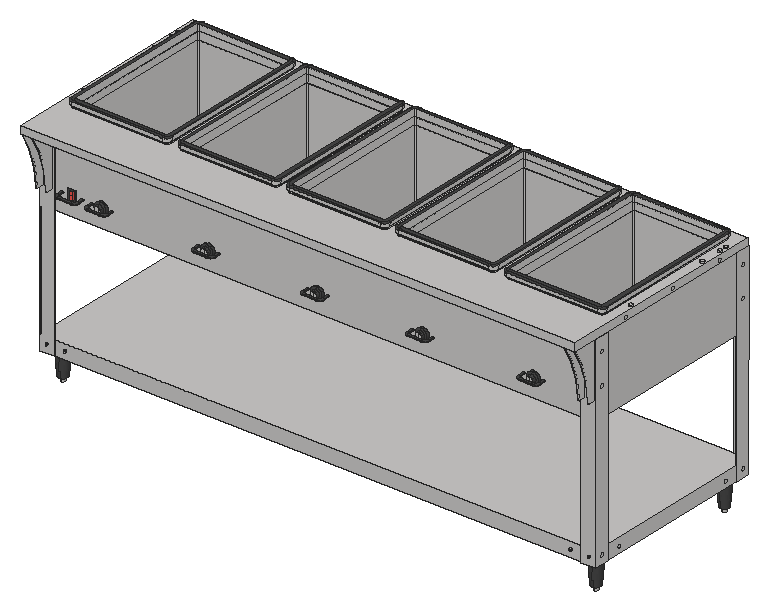
Revit family "QF_VOLLRATH_38205_SERVEWELL_SL_HOT_FOOD_TABLE", category Specialty Equipment, Revit 2022
Family settings
  Round Connector Dimension = Use Diameter
  Part Type = Normal
  Work Plane-Based = No
  Always vertical = Yes
  Cut with Voids When Loaded = No
  Maintain Annotation Orientation = No
  Shared = No
  Room Calculation Point = No
Parameters
  Weight in Pounds = 0
  Watts = 2400 W
  Volts = 120 V
  URL Cutsheet = ""
  Specification by User = ""
  Specification by Manufacturer = ""
  Serial Number = ""
  Seismic Rating = ""
  SMACNA No = ""
  Revision Code = ""
  Phase = 1
  Number of Poles = 1
  NAFEM Spec ID Number = ""
  Model = "38205"
  Min Ckt Ampacity = 0 A
  Max Overcurrent Protection = 0 A
  Masterspec = ""
  Manufacturer = "VOLLRATH"
  Length = 76"
  Item Number = ""
  Installed By = ""
  Identify Quantity as Lot = yes
  Height = 34"
  HP = ""
  Furnished By = ""
  Foodservice Equipment Identifier = yes
  FL Amps = 30 A
  Electrical Remarks = ""
  Electric Connection Type = ""
  Elec Conn RI Height = 0"
  Elec Conn Connection Height = 0"
  Description = "SERVEWELL SL HOT FOOD TABLE"
  Depth = 29 1/2"
  Default Elevation = 0"
  Cycle = 0 Hz
  Conn Plug = "NEMA 5-30P"
  Conn Conduit = yes
  CSI MasterFormat = ""
  Apparent Power = if(Phase = 3, Volts * FL Amps * 1.73, Volts * FL Amps)  # 3600 VA
Reference planes (in)
  plane 1 "BACK": y = 0
  plane 2: z = 0
  plane 3 "LEFT": x = 0
  plane 4 "RIGHT": x = 76
  plane 5 "FRONT": y = -29.5
  plane 6 "TOP": z = 34
  plane 7 "Center Y": x = 38
  plane 8 "Center X": y = -14.75
Dimensions and locks (in)
  equal spacing: plane 3 "LEFT", plane 7 "Center Y", plane 4 "RIGHT"
  "Length": plane 3 "LEFT" to plane 4 "RIGHT"
  equal spacing: plane 5 "FRONT", plane 8 "Center X", plane 1 "BACK"
  "Depth": plane 5 "FRONT" to plane 1 "BACK"
  "Height": plane 6 "TOP" to level
  nested 1 to level = 4"
  plane 4 "RIGHT" to plane 3 "LEFT" = 76"
  aligned and locked: level to plane 2
Nested families (in)
  nested 1: "QF_VOLLRATH_38203" at (0, 0, 0), type "QF_VOLLRATH_38203"
Connectors (in)
  electrical at (4.37729, -23.99392, 21.75393)
    settings: on nested 1, index 1, voltage 120 V, apparent load 0 VA, apparent load phase1 0 VA, apparent load phase2 0 VA, apparent load phase3 0 VA, power factor 1, load classification "Other", number of poles 1, system type 30, power factor state 1, is connector primary yes, connector utility no, sub classification motor no, connector description "ELECTRICAL CONNECTION"
Definition of nested family "QF_VOLLRATH_38203"
  Parameters (values of type "QF_VOLLRATH_38203")
    Weight in Pounds = 0
    Watts = 480 W
    Volts = 120 V
    URL Cutsheet = ""
    Specification by User = ""
    Specification by Manufacturer = ""
    Serial Number = ""
    Seismic Rating = ""
    SMACNA No = ""
    Revision Code = ""
    Phase = 0
    Number of Poles = 1
    NAFEM Spec ID Number = ""
    Model = "38204"
    Min Ckt Ampacity = 0 A
    Max Overcurrent Protection = 0 A
    Masterspec = ""
    Manufacturer = "VOLLRATH"
    Length = 76"
    Item Number = ""
    Installed By = ""
    Identify Quantity as Lot = yes
    Height = 34"
    HP = ""
    Furnished By = ""
    Foodservice Equipment Identifier = yes
    FL Amps = 15 A
    Electrical Remarks = ""
    Electric Connection Type = ""
    Elec Conn RI Height = 0"
    Elec Conn Connection Height = 0"
    Description = "SERVEWELL SL HOT FOOD TABLE"
    Depth = 29 1/2"
    Default Elevation = 0"
    Cycle = 0 Hz
    Conn Plug = "NEMA 5-20P"
    Conn Conduit = yes
    CSI MasterFormat = ""
    Apparent Power = if(Phase = 3, Volts * FL Amps * 1.73, Volts * FL Amps)  # 1800 VA
  Reference planes (in)
    plane 1 "BACK": y = 0
    plane 2: z = 0
    plane 3 "LEFT": x = 0
    plane 4 "RIGHT": x = 76
    plane 5 "FRONT": y = -29.5
    plane 6 "TOP": z = 34
    plane 7 "Center Y": x = 38
    plane 8 "Center X": y = -14.75
    plane 9: z = 4
    plane 10: y = -26
    plane 11: z = 6
    plane 12: x = 1.5
    plane 13: y = -18.1465
  Forms (in)
    Extrusion 1, solid
      sketch origin (-38.39759, -180, 34) x (-1, 0, 0) y (0, -1, 0)
        loop
          line (-38.39759, -180) -> (-38.39759, -150.5) -> (-114.39759, -150.5) -> (-114.39759, -180) -> (-38.39759, -180)
        loop
          arc (-52.9681, -178.35363) -> (-52.92233, -178.46411) -> (-52.81185, -178.50988) r 0.15625
          line (-52.81185, -178.50988) -> (-40.4056, -178.50988)
          arc (-40.4056, -178.50988) -> (-40.29511, -178.46411) -> (-40.24935, -178.35363) r 0.15625
          line (-40.24935, -178.35363) -> (-40.24935, -157.60363)
          arc (-40.24935, -157.60363) -> (-40.29511, -157.49314) -> (-40.4056, -157.44738) r 0.15625
          line (-40.4056, -157.44738) -> (-52.81185, -157.44738)
          arc (-52.81185, -157.44738) -> (-52.92233, -157.49314) -> (-52.9681, -157.60363) r 0.15625
          line (-52.9681, -157.60363) -> (-52.9681, -178.35363)
        loop
          line (-55.1556, -178.35363) -> (-55.1556, -157.60363)
          arc (-55.1556, -157.60363) -> (-55.20136, -157.49314) -> (-55.31185, -157.44738) r 0.15625
          line (-55.31185, -157.44738) -> (-67.7181, -157.44738)
          arc (-67.7181, -157.44738) -> (-67.82858, -157.49314) -> (-67.87435, -157.60363) r 0.15625
          line (-67.87435, -157.60363) -> (-67.87435, -178.35363)
          arc (-67.87435, -178.35363) -> (-67.82858, -178.46411) -> (-67.7181, -178.50988) r 0.15625
          line (-67.7181, -178.50988) -> (-55.31185, -178.50988)
          arc (-55.31185, -178.50988) -> (-55.20136, -178.46411) -> (-55.1556, -178.35363) r 0.15625
        loop
          arc (-70.03822, -157.60363) -> (-70.08398, -157.49314) -> (-70.19447, -157.44738) r 0.15625
          line (-70.19447, -157.44738) -> (-82.60072, -157.44738)
          arc (-82.60072, -157.44738) -> (-82.7112, -157.49314) -> (-82.75697, -157.60363) r 0.15625
          line (-82.75697, -157.60363) -> (-82.75697, -178.35363)
          arc (-82.75697, -178.35363) -> (-82.7112, -178.46411) -> (-82.60072, -178.50988) r 0.15625
          line (-82.60072, -178.50988) -> (-70.19447, -178.50988)
          arc (-70.19447, -178.50988) -> (-70.08398, -178.46411) -> (-70.03822, -178.35363) r 0.15625
          line (-70.03822, -178.35363) -> (-70.03822, -157.60363)
        loop
          line (-99.82709, -178.35363) -> (-99.82709, -157.60363)
          arc (-99.82709, -157.60363) -> (-99.87285, -157.49314) -> (-99.98334, -157.44738) r 0.15625
          line (-99.98334, -157.44738) -> (-112.38959, -157.44738)
          arc (-112.38959, -157.44738) -> (-112.50007, -157.49314) -> (-112.54584, -157.60363) r 0.15625
          line (-112.54584, -157.60363) -> (-112.54584, -178.35363)
          arc (-112.54584, -178.35363) -> (-112.50007, -178.46411) -> (-112.38959, -178.50988) r 0.15625
          line (-112.38959, -178.50988) -> (-99.98334, -178.50988)
          arc (-99.98334, -178.50988) -> (-99.87285, -178.46411) -> (-99.82709, -178.35363) r 0.15625
        loop
          arc (-97.63959, -178.35363) -> (-97.59382, -178.46411) -> (-97.48334, -178.50988) r 0.15625
          line (-97.48334, -178.50988) -> (-85.07709, -178.50988)
          arc (-85.07709, -178.50988) -> (-84.9666, -178.46411) -> (-84.92084, -178.35363) r 0.15625
          line (-84.92084, -178.35363) -> (-84.92084, -157.60363)
          arc (-84.92084, -157.60363) -> (-84.9666, -157.49314) -> (-85.07709, -157.44738) r 0.15625
          line (-85.07709, -157.44738) -> (-97.48334, -157.44738)
          arc (-97.48334, -157.44738) -> (-97.59382, -157.49314) -> (-97.63959, -157.60363) r 0.15625
          line (-97.63959, -157.60363) -> (-97.63959, -178.35363)
      from -0.90354 to -1.94773
    Extrusion 2, solid
      sketch origin (0, 0, 0) x (1, 0, 0) y (0, 1, 0)
        loop
          line (0, -26) -> (76, -26) -> (76, 0) -> (0, 0) -> (0, -26)
        loop
          arc (14.5705, -1.64637) -> (14.52474, -1.53589) -> (14.41425, -1.49012) r 0.15625
          line (14.41425, -1.49012) -> (2.008, -1.49012)
          arc (2.008, -1.49012) -> (1.89752, -1.53589) -> (1.85175, -1.64637) r 0.15625
          line (1.85175, -1.64637) -> (1.85175, -22.39637)
          arc (1.85175, -22.39637) -> (1.89752, -22.50686) -> (2.008, -22.55262) r 0.15625
          line (2.008, -22.55262) -> (14.41425, -22.55262)
          arc (14.41425, -22.55262) -> (14.52474, -22.50686) -> (14.5705, -22.39637) r 0.15625
          line (14.5705, -22.39637) -> (14.5705, -1.64637)
        loop
          arc (29.47675, -1.64637) -> (29.43099, -1.53589) -> (29.3205, -1.49012) r 0.15625
          line (29.3205, -1.49012) -> (16.91425, -1.49012)
          arc (16.91425, -1.49012) -> (16.80377, -1.53589) -> (16.758, -1.64637) r 0.15625
          line (16.758, -1.64637) -> (16.758, -22.39637)
          arc (16.758, -22.39637) -> (16.80377, -22.50686) -> (16.91425, -22.55262) r 0.15625
          line (16.91425, -22.55262) -> (29.3205, -22.55262)
          arc (29.3205, -22.55262) -> (29.43099, -22.50686) -> (29.47675, -22.39637) r 0.15625
          line (29.47675, -22.39637) -> (29.47675, -1.64637)
        loop
          arc (44.35937, -1.64637) -> (44.31361, -1.53589) -> (44.20313, -1.49012) r 0.15625
          line (44.20313, -1.49012) -> (31.79687, -1.49012)
          arc (31.79687, -1.49012) -> (31.68639, -1.53589) -> (31.64063, -1.64637) r 0.15625
          line (31.64063, -1.64637) -> (31.64063, -22.39637)
          arc (31.64063, -22.39637) -> (31.68639, -22.50686) -> (31.79687, -22.55262) r 0.15625
          line (31.79687, -22.55262) -> (44.20313, -22.55262)
          arc (44.20313, -22.55262) -> (44.31361, -22.50686) -> (44.35937, -22.39637) r 0.15625
          line (44.35937, -22.39637) -> (44.35937, -1.64637)
        loop
          arc (59.242, -1.64637) -> (59.19623, -1.53589) -> (59.08575, -1.49012) r 0.15625
          line (59.08575, -1.49012) -> (46.6795, -1.49012)
          arc (46.6795, -1.49012) -> (46.56901, -1.53589) -> (46.52325, -1.64637) r 0.15625
          line (46.52325, -1.64637) -> (46.52325, -22.39637)
          arc (46.52325, -22.39637) -> (46.56901, -22.50686) -> (46.6795, -22.55262) r 0.15625
          line (46.6795, -22.55262) -> (59.08575, -22.55262)
          arc (59.08575, -22.55262) -> (59.19623, -22.50686) -> (59.242, -22.39637) r 0.15625
          line (59.242, -22.39637) -> (59.242, -1.64637)
        loop
          arc (74.14825, -1.64637) -> (74.10248, -1.53589) -> (73.992, -1.49012) r 0.15625
          line (73.992, -1.49012) -> (61.58575, -1.49012)
          arc (61.58575, -1.49012) -> (61.47526, -1.53589) -> (61.4295, -1.64637) r 0.15625
          line (61.4295, -1.64637) -> (61.4295, -22.39637)
          arc (61.4295, -22.39637) -> (61.47526, -22.50686) -> (61.58575, -22.55262) r 0.15625
          line (61.58575, -22.55262) -> (73.992, -22.55262)
          arc (73.992, -22.55262) -> (74.10248, -22.50686) -> (74.14825, -22.39637) r 0.15625
          line (74.14825, -22.39637) -> (74.14825, -1.64637)
      from 21.87893 to 32.05227
    Extrusion 3, solid
      sketch origin (0, 0, 0) x (1, 0, 0) y (0, 1, 0)
        loop
          line (-0.0625, -26.0625) -> (1.9375, -26.0625) -> (1.9375, -26) -> (0, -26) -> (0, -24.0625) -> (-0.0625, -24.0625) -> (-0.0625, -26.0625)
        loop
          line (-0.0625, 0.0625) -> (-0.0625, -1.9375) -> (0, -1.9375) -> (0, 0) -> (1.9375, 0) -> (1.9375, 0.0625) -> (-0.0625, 0.0625)
        loop
          line (76.0625, -26.0625) -> (76.0625, -24.0625) -> (76, -24.0625) -> (76, -26) -> (74.0625, -26) -> (74.0625, -26.0625) -> (76.0625, -26.0625)
        loop
          line (76.0625, 0.0625) -> (74.0625, 0.0625) -> (74.0625, 0) -> (76, 0) -> (76, -1.9375) -> (76.0625, -1.9375) -> (76.0625, 0.0625)
      from 4 to 32.05227
    Extrusion 4, solid
      sketch origin (0, -180, 4) x (-1, 0, 0) y (0, -1, 0)
        loop
          line (0, -180) -> (0, -154) -> (-76, -154) -> (-76, -180) -> (0, -180)
      from 0 to 2
    Sweep 5, solid
      path origin (0, 0, 0) x (1, 0, 0) y (0, 1, 0)
        loop
          arc (2.008, -1.14637) -> (1.65445, -1.29282) -> (1.508, -1.64637) r 0.5
          line (1.508, -1.64637) -> (1.508, -22.39637)
          arc (1.508, -22.39637) -> (1.65445, -22.74993) -> (2.008, -22.89637) r 0.5
          line (2.008, -22.89637) -> (14.41425, -22.89637)
          arc (14.41425, -22.89637) -> (14.76781, -22.74993) -> (14.91425, -22.39637) r 0.5
          line (14.91425, -22.39637) -> (14.91425, -1.64637)
          arc (14.91425, -1.64637) -> (14.76781, -1.29282) -> (14.41425, -1.14637) r 0.5
          line (14.41425, -1.14637) -> (2.008, -1.14637)
      profile origin (8.21113, -1.14637, 0) x (0, 1, 0) y (0, 0, 1)
        loop
          arc (0.21875, 33.86984) -> (0.18063, 33.96188) -> (0.08859, 34) r 0.13016
          line (0.08859, 34) -> (-0.34375, 34) -> (-0.34375, 21.87893) -> (0, 21.87893) -> (0, 33.09646)
          arc (0, 33.09646) -> (-0.07256, 33.26176) -> (-0.03125, 33.4375) r 0.285
          line (-0.03125, 33.4375) -> (0.21875, 33.4375) -> (0.21875, 33.86984)
    Extrusion 6, solid
      sketch origin (0, 0, 0) x (0, 1, 0) y (0, 0, 1)
        loop
          arc (-29.38523, 32.05227) -> (-27.76168, 28.48926) -> (-27.05801, 24.63752) r 15.90135
          arc (-27.05801, 24.63752) -> (-26.98006, 24.47007) -> (-26.80842, 24.40183) r 0.25
          line (-26.80842, 24.40183) -> (-26.0625, 24.40183) -> (-26.0625, 32.05227) -> (-29.38523, 32.05227)
      from 0.19267 to 0.26943
    Extrusion 7, solid
      sketch origin (1.38301, 0, 0) x (0, 1, 0) y (0, 0, 1)
        loop
          arc (-29.38523, 32.05227) -> (-27.76168, 28.48926) -> (-27.05801, 24.63752) r 15.90135
          arc (-27.05801, 24.63752) -> (-26.98006, 24.47007) -> (-26.80842, 24.40183) r 0.25
          line (-26.80842, 24.40183) -> (-26.0625, 24.40183) -> (-26.0625, 32.05227) -> (-29.38523, 32.05227)
      from 0.12501 to 0.21028
    Revolve 8, solid
      sketch origin (8.383, 0.0625, 0) x (0, 1, 0) y (0, 0, 1)
        loop
          line (-26.0625, 24.44451) -> (-26.0625, 25.25473) -> (-26.36725, 25.25473) -> (-26.50448, 24.94383) -> (-26.8125, 24.8613) -> (-26.8125, 24.44451) -> (-26.0625, 24.44451)
        axis (-26.8125, 24.44451) -> (-26.0625, 24.44451)
      angle from 0 to 360
    Sweep 9, solid
      path origin (0, 0, 0) x (1, 0, 0) y (0, 1, 0)
        loop
          line (7, -26) -> (7, -26.83521)
          arc (7, -26.83521) -> (7.12149, -27.12851) -> (7.41479, -27.25) r 0.41479
          line (7.41479, -27.25) -> (9.33594, -27.25)
          arc (9.33594, -27.25) -> (9.62872, -27.12872) -> (9.75, -26.83594) r 0.41406
          line (9.75, -26.83594) -> (9.75, -26)
      profile origin (8.37537, -27.25, 0) x (0, 1, 0) y (0, 0, 1)
        loop
          circle (0, 24.4375) r 0.125
    Revolve 10, solid
      sketch origin (23, 0.0625, 0) x (0, 1, 0) y (0, 0, 1)
        loop
          line (-26.0625, 24.44451) -> (-26.0625, 25.25473) -> (-26.36725, 25.25473) -> (-26.50448, 24.94383) -> (-26.8125, 24.8613) -> (-26.8125, 24.44451) -> (-26.0625, 24.44451)
        axis (-26.8125, 24.44451) -> (-26.0625, 24.44451)
      angle from 0 to 360
    Sweep 11, solid
      path origin (-0.37852, 0, 0) x (1, 0, 0) y (0, 1, 0)
        loop
          line (22, -26) -> (22, -26.83521)
          arc (22, -26.83521) -> (22.12149, -27.12851) -> (22.41479, -27.25) r 0.41479
          line (22.41479, -27.25) -> (24.33594, -27.25)
          arc (24.33594, -27.25) -> (24.62872, -27.12872) -> (24.75, -26.83594) r 0.41406
          line (24.75, -26.83594) -> (24.75, -26)
      profile origin (22.99685, -27.25, 0) x (0, 1, 0) y (0, 0, 1)
        loop
          circle (0, 24.4375) r 0.125
    Revolve 12, solid
      sketch origin (37.992, 0.0625, 0) x (0, 1, 0) y (0, 0, -1)
        loop
          line (-26.0625, -24.44451) -> (-26.8125, -24.44451) -> (-26.8125, -24.8613) -> (-26.50448, -24.94383) -> (-26.36725, -25.25473) -> (-26.0625, -25.25473) -> (-26.0625, -24.44451)
        axis (-26.8125, -24.44451) -> (-26.0625, -24.44451)
      angle from 0 to 360
    Sweep 13, solid
      path origin (46, 0, 0) x (-1, 0, 0) y (0, -1, 0)
        loop
          line (-7.6875, 26) -> (-7.6875, 26.83521)
          arc (-7.6875, 26.83521) -> (-7.56601, 27.12851) -> (-7.27271, 27.25) r 0.41479
          line (-7.27271, 27.25) -> (-5.35156, 27.25)
          arc (-5.35156, 27.25) -> (-5.05878, 27.12872) -> (-4.9375, 26.83594) r 0.41406
          line (-4.9375, 26.83594) -> (-4.9375, 26)
      profile origin (52.31213, -27.25, 0) x (0, -1, 0) y (0, 0, 1)
        loop
          circle (0, 24.4375) r 0.125
    Extrusion 14, solid
      sketch origin (0, -26, 0) x (1, 0, 0) y (0, 0, 1)
        loop
          line (3.81326, 25.25117) -> (3.81326, 23.75117) -> (4.81326, 23.75117) -> (4.81326, 25.25117) -> (3.81326, 25.25117)
        loop
          line (4.10495, 25.04634) -> (4.10495, 24.03072) -> (4.52019, 24.03072) -> (4.52019, 25.04634) -> (4.10495, 25.04634)
      from 0 to 0.0625
    Extrusion 15, solid
      sketch origin (4.10495, -26, 24.53072) x (0, 0, 1) y (0, -1, 0)
        loop
          line (0.51563, 0.0625) -> (0.51563, 0.12731) -> (0.05202, 0.12731) -> (-0.49994, 0.20488) -> (-0.49994, 0.0625) -> (0.51563, 0.0625)
      from 0 to 0.41524
    Sweep 16, solid
      path origin (-4.03125, 0, 0) x (1, 0, 0) y (0, 1, 0)
        loop
          line (7, -26) -> (7, -26.83521)
          arc (7, -26.83521) -> (7.12149, -27.12851) -> (7.41479, -27.25) r 0.41479
          line (7.41479, -27.25) -> (9.33594, -27.25)
          arc (9.33594, -27.25) -> (9.62872, -27.12872) -> (9.75, -26.83594) r 0.41406
          line (9.75, -26.83594) -> (9.75, -26)
      profile origin (4.34412, -27.25, 0) x (0, 1, 0) y (0, 0, 1)
        loop
          circle (0, 24.4375) r 0.125
    Extrusion 17, solid
      sketch origin (-38.39759, -180, 33.09646) x (-1, 0, 0) y (0, -1, 0)
        loop
          circle (-38.90258, -176.94303) r 0.25
        loop
          circle (-38.90258, -175.89791) r 0.25
        loop
          circle (-38.93459, -172.90202) r 0.25
        loop
          circle (-38.96584, -160.74577) r 0.25
      from 0 to 0.0625
    Extrusion 18, solid
      sketch origin (0.1875, 0, 21.87893) x (0, 1, 0) y (1, 0, 0)
        loop
          circle (-23.99392, 4.18979) r 0.5
      from 0 to 0.125
    Extrusion 19, solid
      sketch origin (0, 0, 21.87893) x (0, 1, 0) y (1, 0, 0)
        loop
          circle (-19.65551, 8.32474) r 0.5
        loop
          circle (-19.65551, 22.82474) r 0.5
        loop
          circle (-19.65551, 38) r 0.5
        loop
          circle (-19.65551, 67.67526) r 0.5
        loop
          circle (-19.65551, 53.17526) r 0.5
        loop
          circle (-19.65551, 8.32474) r 0.5625
        loop
          circle (-19.65551, 22.82474) r 0.5625
        loop
          circle (-19.65551, 38) r 0.5625
        loop
          circle (-19.65551, 53.17526) r 0.5625
        loop
          circle (-19.65551, 67.67526) r 0.5625
      from 0 to 2
    Extrusion 20, solid
      sketch origin (0, 0, 0) x (1, 0, 0) y (0, 0, 1)
        loop
          arc (8.11974, 21.11331) -> (7.98829, 20.87122) -> (8.15928, 20.65522) r 0.25
          line (8.15928, 20.65522) -> (8.15928, 19.87893) -> (8.44974, 19.87893) -> (8.44974, 20.65323)
          arc (8.44974, 20.65323) -> (8.62739, 20.87543) -> (8.48208, 21.12001) r 0.25
          line (8.48208, 21.12001) -> (8.48208, 21.37213) -> (8.11974, 21.37213) -> (8.11974, 21.11331)
      from 20.74955 to 20.32975
    Extrusion 21, solid
      sketch origin (0, 0, 0) x (1, 0, 0) y (0, 0, 1)
        loop
          circle (8.30179, 20.88613) r 0.25
      from 20.15525 to 20.32975
    Extrusion 22, solid
      sketch origin (-0.47959, 0, 0) x (1, 0, 0) y (0, 0, 1)
        loop
          arc (23.11974, 21.11331) -> (22.98829, 20.87122) -> (23.15928, 20.65522) r 0.25
          line (23.15928, 20.65522) -> (23.15928, 19.87893) -> (23.44974, 19.87893) -> (23.44974, 20.65323)
          arc (23.44974, 20.65323) -> (23.62739, 20.87543) -> (23.48208, 21.12001) r 0.25
          line (23.48208, 21.12001) -> (23.48208, 21.37213) -> (23.11974, 21.37213) -> (23.11974, 21.11331)
      from 20.74955 to 20.32975
    Extrusion 23, solid
      sketch origin (-0.47278, 0, 0) x (1, 0, 0) y (0, 0, 1)
        loop
          circle (23.30179, 20.88613) r 0.25
      from 20.15525 to 20.32975
    Extrusion 24, solid
      sketch origin (30.18325, 0, 0) x (1, 0, 0) y (0, 0, 1)
        loop
          arc (22.80724, 21.11331) -> (22.67579, 20.87122) -> (22.84678, 20.65522) r 0.25
          line (22.84678, 20.65522) -> (22.84678, 19.87893) -> (23.13724, 19.87893) -> (23.13724, 20.65323)
          arc (23.13724, 20.65323) -> (23.31489, 20.87543) -> (23.16958, 21.12001) r 0.25
          line (23.16958, 21.12001) -> (23.16958, 21.37213) -> (22.80724, 21.37213) -> (22.80724, 21.11331)
      from 20.74955 to 20.32975
    Extrusion 25, solid
      sketch origin (30.18325, 0, 0) x (1, 0, 0) y (0, 0, 1)
        loop
          circle (22.98929, 20.88613) r 0.25
      from 20.15525 to 20.32975
    Extrusion 26, solid
      sketch origin (76, 0, 34) x (0, -1, 0) y (0, 0, -1)
        loop
          circle (25.09699, 3.76064) r 0.17669
        loop
          circle (25.09699, 8.01064) r 0.17669
        loop
          circle (25.09699, 28.76064) r 0.17669
        loop
          circle (22.10841, 29.02211) r 0.17669
        loop
          circle (3.92282, 29.02211) r 0.17669
        loop
          circle (0.93013, 28.81284) r 0.17669
        loop
          circle (0.93013, 7.8989) r 0.17669
        loop
          circle (0.93013, 3.74659) r 0.17669
        loop
          circle (20.96222, 1.42378) r 0.17669
        loop
          circle (12.96222, 1.42378) r 0.17669
        loop
          circle (4.96222, 1.42378) r 0.17669
      from 0 to 0.125
    Extrusion 27, solid
      sketch origin (0, 0, 34) x (0, -1, 0) y (0, 0, 1)
        loop
          circle (25.09699, -3.76064) r 0.17669
        loop
          circle (25.09699, -8.01064) r 0.17669
        loop
          circle (25.09699, -28.76064) r 0.17669
        loop
          circle (22.10841, -29.02211) r 0.17669
        loop
          circle (3.92282, -29.02211) r 0.17669
        loop
          circle (0.93013, -28.81284) r 0.17669
        loop
          circle (0.93013, -7.8989) r 0.17669
        loop
          circle (0.93013, -3.74659) r 0.17669
        loop
          circle (20.96222, -1.42378) r 0.17669
        loop
          circle (12.96222, -1.42378) r 0.17669
        loop
          circle (4.96222, -1.42378) r 0.17669
      from 0 to 0.125
    Extrusion 28, solid
      sketch origin (76.0625, -26.0625, 0) x (-1, 0, 0) y (0, 0, -1)
        loop
          circle (0.93848, -30.25949) r 0.14866
        loop
          circle (0.93848, -26.00949) r 0.14866
        loop
          circle (75.18652, -30.25949) r 0.14866
        loop
          circle (75.18652, -26.00949) r 0.14866
        loop
          circle (75.18652, -5.09351) r 0.14866
        loop
          circle (72.68652, -5.09351) r 0.14866
        loop
          circle (0.93848, -5.09351) r 0.14866
        loop
          circle (3.43848, -5.09351) r 0.14866
      from 0 to 0.0625
    Revolve 29, solid
      sketch origin (1.5, 0, 0) x (0, 1, 0) y (0, 0, 1)
        loop
          line (-24.0625, 4) -> (-24.99188, 4) -> (-24.69114, 0.5625) -> (-24.34375, 0.5625) -> (-24.34375, 0) -> (-24.0625, 0) -> (-24.0625, 4)
        axis (-24.0625, 4) -> (-24.0625, 0)
      angle from 0 to 360
    Revolve 30, solid
      sketch origin (1.5, -26.125, 0) x (0, -1, 0) y (0, 0, -1)
        loop
          line (-24.0625, -4) -> (-24.0625, 0) -> (-24.34375, 0) -> (-24.34375, -0.5625) -> (-24.69114, -0.5625) -> (-24.99188, -4) -> (-24.0625, -4)
        axis (-24.0625, -4) -> (-24.0625, 0)
      angle from 0 to 360
    Blend 31, solid
      base sketch origin (46, 0, 0) x (-1, 0, 0) y (0, -1, 0)
        loop
          line (40.06273, 18.1465) -> (44.56273, 18.1465) -> (44.56273, 23.02664) -> (40.06273, 23.02664) -> (40.06273, 18.1465)
      top sketch origin (46, 0, 0) x (-1, 0, 0) y (0, -1, 0)
        loop
          line (40.56273, 22.52664) -> (40.56273, 18.6465) -> (44.06273, 18.6465) -> (44.06273, 22.52664) -> (40.56273, 22.52664)
      from 4 to 3.30089
    Blend 32, solid
      base sketch origin (46, -26.0164, 0) x (-1, 0, 0) y (0, -1, 0)
        loop
          line (40.06273, -18.1465) -> (40.06273, -23.02664) -> (44.56273, -23.02664) -> (44.56273, -18.1465) -> (40.06273, -18.1465)
      top sketch origin (46, -26.0164, 0) x (-1, 0, 0) y (0, -1, 0)
        loop
          line (40.56273, -22.52664) -> (44.06273, -22.52664) -> (44.06273, -18.6465) -> (40.56273, -18.6465) -> (40.56273, -22.52664)
      from 4 to 3.30089
    Extrusion 33, solid
      sketch origin (45.98841, 0, 0) x (-1, 0, 0) y (0, 0, -1)
        loop
          line (7.80724, -21.11331) -> (7.80724, -21.37213) -> (8.16958, -21.37213) -> (8.16958, -21.12001)
          arc (8.16958, -21.12001) -> (8.31489, -20.87543) -> (8.13724, -20.65323) r 0.25
          line (8.13724, -20.65323) -> (8.13724, -19.87893) -> (7.84678, -19.87893) -> (7.84678, -20.65522)
          arc (7.84678, -20.65522) -> (7.67579, -20.87122) -> (7.80724, -21.11331) r 0.25
      from 20.74955 to 20.32975
    Extrusion 34, solid
      sketch origin (61.48416, 0, 0) x (-1, 0, 0) y (0, 0, -1)
        loop
          circle (8.30179, -20.88613) r 0.25
      from 20.15525 to 20.32975
    Extrusion 35, solid
      sketch origin (45.9816, 0, 0) x (-1, 0, 0) y (0, 0, -1)
        loop
          circle (7.98929, -20.88613) r 0.25
      from 20.15525 to 20.32975
    Revolve 36, solid
      sketch origin (52.367, 0.0625, 0) x (0, 1, 0) y (0, 0, -1)
        loop
          line (-26.0625, -24.44451) -> (-26.8125, -24.44451) -> (-26.8125, -24.8613) -> (-26.50448, -24.94383) -> (-26.36725, -25.25473) -> (-26.0625, -25.25473) -> (-26.0625, -24.44451)
        axis (-26.8125, -24.44451) -> (-26.0625, -24.44451)
      angle from 0 to 360
    Revolve 37, solid
      sketch origin (74.5, 0, 0) x (0, 1, 0) y (0, 0, -1)
        loop
          line (-24.0625, -4) -> (-24.0625, 0) -> (-24.34375, 0) -> (-24.34375, -0.5625) -> (-24.69114, -0.5625) -> (-24.99188, -4) -> (-24.0625, -4)
        axis (-24.0625, -4) -> (-24.0625, 0)
      angle from 0 to 360
    Revolve 38, solid
      sketch origin (74.5, -26.125, 0) x (0, -1, 0) y (0, 0, 1)
        loop
          line (-24.0625, 4) -> (-24.99188, 4) -> (-24.69114, 0.5625) -> (-24.34375, 0.5625) -> (-24.34375, 0) -> (-24.0625, 0) -> (-24.0625, 4)
        axis (-24.0625, 4) -> (-24.0625, 0)
      angle from 0 to 360
    Blend 39, solid
      base sketch origin (30, 0, 0) x (1, 0, 0) y (0, 1, 0)
        loop
          line (40.06273, -18.1465) -> (40.06273, -23.02664) -> (44.56273, -23.02664) -> (44.56273, -18.1465) -> (40.06273, -18.1465)
      top sketch origin (30, 0, 0) x (1, 0, 0) y (0, 1, 0)
        loop
          line (40.56273, -22.52664) -> (44.06273, -22.52664) -> (44.06273, -18.6465) -> (40.56273, -18.6465) -> (40.56273, -22.52664)
      from 4 to 3.30089
    Blend 40, solid
      base sketch origin (30, -26.0164, 0) x (1, 0, 0) y (0, 1, 0)
        loop
          line (40.06273, 18.1465) -> (44.56273, 18.1465) -> (44.56273, 23.02664) -> (40.06273, 23.02664) -> (40.06273, 18.1465)
      top sketch origin (30, -26.0164, 0) x (1, 0, 0) y (0, 1, 0)
        loop
          line (40.56273, 22.52664) -> (40.56273, 18.6465) -> (44.06273, 18.6465) -> (44.06273, 22.52664) -> (40.56273, 22.52664)
      from 4 to 3.30089
    Extrusion 41, solid
      sketch origin (76, 0, 0) x (0, 1, 0) y (0, 0, -1)
        loop
          line (-29.38523, -32.05227) -> (-26.0625, -32.05227) -> (-26.0625, -24.40183) -> (-26.80842, -24.40183)
          arc (-26.80842, -24.40183) -> (-26.98006, -24.47007) -> (-27.05801, -24.63752) r 0.25
          arc (-27.05801, -24.63752) -> (-27.76168, -28.48926) -> (-29.38523, -32.05227) r 15.90135
      from 0.19267 to 0.26943
    Extrusion 42, solid
      sketch origin (74.61699, 0, 0) x (0, 1, 0) y (0, 0, -1)
        loop
          line (-29.38523, -32.05227) -> (-26.0625, -32.05227) -> (-26.0625, -24.40183) -> (-26.80842, -24.40183)
          arc (-26.80842, -24.40183) -> (-26.98006, -24.47007) -> (-27.05801, -24.63752) r 0.25
          arc (-27.05801, -24.63752) -> (-27.76168, -28.48926) -> (-29.38523, -32.05227) r 15.90135
      from 0.12501 to 0.21028
    Sweep 43, solid
      path origin (14.90625, 0, 0) x (1, 0, 0) y (0, 1, 0)
        loop
          arc (2.008, -1.14637) -> (1.65445, -1.29282) -> (1.508, -1.64637) r 0.5
          line (1.508, -1.64637) -> (1.508, -22.39637)
          arc (1.508, -22.39637) -> (1.65445, -22.74993) -> (2.008, -22.89637) r 0.5
          line (2.008, -22.89637) -> (14.41425, -22.89637)
          arc (14.41425, -22.89637) -> (14.76781, -22.74993) -> (14.91425, -22.39637) r 0.5
          line (14.91425, -22.39637) -> (14.91425, -1.64637)
          arc (14.91425, -1.64637) -> (14.76781, -1.29282) -> (14.41425, -1.14637) r 0.5
          line (14.41425, -1.14637) -> (2.008, -1.14637)
      profile origin (23.11738, -1.14637, 0) x (0, 1, 0) y (0, 0, 1)
        loop
          arc (0.21875, 33.86984) -> (0.18063, 33.96188) -> (0.08859, 34) r 0.13016
          line (0.08859, 34) -> (-0.34375, 34) -> (-0.34375, 21.87893) -> (0, 21.87893) -> (0, 33.09646)
          arc (0, 33.09646) -> (-0.07256, 33.26176) -> (-0.03125, 33.4375) r 0.285
          line (-0.03125, 33.4375) -> (0.21875, 33.4375) -> (0.21875, 33.86984)
    Sweep 44, solid
      path origin (29.78887, 0, 0) x (1, 0, 0) y (0, 1, 0)
        loop
          arc (2.008, -1.14637) -> (1.65445, -1.29282) -> (1.508, -1.64637) r 0.5
          line (1.508, -1.64637) -> (1.508, -22.39637)
          arc (1.508, -22.39637) -> (1.65445, -22.74993) -> (2.008, -22.89637) r 0.5
          line (2.008, -22.89637) -> (14.41425, -22.89637)
          arc (14.41425, -22.89637) -> (14.76781, -22.74993) -> (14.91425, -22.39637) r 0.5
          line (14.91425, -22.39637) -> (14.91425, -1.64637)
          arc (14.91425, -1.64637) -> (14.76781, -1.29282) -> (14.41425, -1.14637) r 0.5
          line (14.41425, -1.14637) -> (2.008, -1.14637)
      profile origin (38, -1.14637, 0) x (0, 1, 0) y (0, 0, 1)
        loop
          arc (0.21875, 33.86984) -> (0.18063, 33.96188) -> (0.08859, 34) r 0.13016
          line (0.08859, 34) -> (-0.34375, 34) -> (-0.34375, 21.87893) -> (0, 21.87893) -> (0, 33.09646)
          arc (0, 33.09646) -> (-0.07256, 33.26176) -> (-0.03125, 33.4375) r 0.285
          line (-0.03125, 33.4375) -> (0.21875, 33.4375) -> (0.21875, 33.86984)
    Sweep 45, solid
      path origin (76, 0, 0) x (-1, 0, 0) y (0, -1, 0)
        loop
          line (2.008, 1.14637) -> (14.41425, 1.14637)
          arc (14.41425, 1.14637) -> (14.76781, 1.29282) -> (14.91425, 1.64637) r 0.5
          line (14.91425, 1.64637) -> (14.91425, 22.39637)
          arc (14.91425, 22.39637) -> (14.76781, 22.74993) -> (14.41425, 22.89637) r 0.5
          line (14.41425, 22.89637) -> (2.008, 22.89637)
          arc (2.008, 22.89637) -> (1.65445, 22.74993) -> (1.508, 22.39637) r 0.5
          line (1.508, 22.39637) -> (1.508, 1.64637)
          arc (1.508, 1.64637) -> (1.65445, 1.29282) -> (2.008, 1.14637) r 0.5
      profile origin (67.78887, -1.14637, 0) x (0, -1, 0) y (0, 0, 1)
        loop
          line (-0.21875, 33.86984) -> (-0.21875, 33.4375) -> (0.03125, 33.4375)
          arc (0.03125, 33.4375) -> (0.07256, 33.26176) -> (0, 33.09646) r 0.285
          line (0, 33.09646) -> (0, 21.87893) -> (0.34375, 21.87893) -> (0.34375, 34) -> (-0.08859, 34)
          arc (-0.08859, 34) -> (-0.18063, 33.96188) -> (-0.21875, 33.86984) r 0.13016
    Sweep 46, solid
      path origin (61.09375, 0, 0) x (-1, 0, 0) y (0, -1, 0)
        loop
          line (2.008, 1.14637) -> (14.41425, 1.14637)
          arc (14.41425, 1.14637) -> (14.76781, 1.29282) -> (14.91425, 1.64637) r 0.5
          line (14.91425, 1.64637) -> (14.91425, 22.39637)
          arc (14.91425, 22.39637) -> (14.76781, 22.74993) -> (14.41425, 22.89637) r 0.5
          line (14.41425, 22.89637) -> (2.008, 22.89637)
          arc (2.008, 22.89637) -> (1.65445, 22.74993) -> (1.508, 22.39637) r 0.5
          line (1.508, 22.39637) -> (1.508, 1.64637)
          arc (1.508, 1.64637) -> (1.65445, 1.29282) -> (2.008, 1.14637) r 0.5
      profile origin (52.88262, -1.14637, 0) x (0, -1, 0) y (0, 0, 1)
        loop
          line (-0.21875, 33.86984) -> (-0.21875, 33.4375) -> (0.03125, 33.4375)
          arc (0.03125, 33.4375) -> (0.07256, 33.26176) -> (0, 33.09646) r 0.285
          line (0, 33.09646) -> (0, 21.87893) -> (0.34375, 21.87893) -> (0.34375, 34) -> (-0.08859, 34)
          arc (-0.08859, 34) -> (-0.18063, 33.96188) -> (-0.21875, 33.86984) r 0.13016
    Extrusion 47, solid
      sketch origin (44.68325, 0, 0) x (1, 0, 0) y (0, 0, 1)
        loop
          arc (22.80724, 21.11331) -> (22.67579, 20.87122) -> (22.84678, 20.65522) r 0.25
          line (22.84678, 20.65522) -> (22.84678, 19.87893) -> (23.13724, 19.87893) -> (23.13724, 20.65323)
          arc (23.13724, 20.65323) -> (23.31489, 20.87543) -> (23.16958, 21.12001) r 0.25
          line (23.16958, 21.12001) -> (23.16958, 21.37213) -> (22.80724, 21.37213) -> (22.80724, 21.11331)
      from 20.74955 to 20.32975
    Extrusion 48, solid
      sketch origin (44.68325, 0, 0) x (1, 0, 0) y (0, 0, 1)
        loop
          circle (22.98929, 20.88613) r 0.25
      from 20.15525 to 20.32975
    Extrusion 49, solid
      sketch origin (75.98416, 0, 0) x (-1, 0, 0) y (0, 0, -1)
        loop
          circle (8.30179, -20.88613) r 0.25
      from 20.15525 to 20.32975
    Sweep 50, solid
      path origin (61.25, 0, 0) x (-1, 0, 0) y (0, -1, 0)
        loop
          line (-7.6875, 26) -> (-7.6875, 26.83521)
          arc (-7.6875, 26.83521) -> (-7.56601, 27.12851) -> (-7.27271, 27.25) r 0.41479
          line (-7.27271, 27.25) -> (-5.35156, 27.25)
          arc (-5.35156, 27.25) -> (-5.05878, 27.12872) -> (-4.9375, 26.83594) r 0.41406
          line (-4.9375, 26.83594) -> (-4.9375, 26)
      profile origin (67.56213, -27.25, 0) x (0, -1, 0) y (0, 0, 1)
        loop
          circle (0, 24.4375) r 0.125
    Revolve 51, solid
      sketch origin (67.617, 0.0625, 0) x (0, 1, 0) y (0, 0, -1)
        loop
          line (-26.0625, -24.44451) -> (-26.8125, -24.44451) -> (-26.8125, -24.8613) -> (-26.50448, -24.94383) -> (-26.36725, -25.25473) -> (-26.0625, -25.25473) -> (-26.0625, -24.44451)
        axis (-26.8125, -24.44451) -> (-26.0625, -24.44451)
      angle from 0 to 360
    Sweep 52, solid
      path origin (31.65044, 0, 0) x (-1, 0, 0) y (0, -1, 0)
        loop
          line (-7.6875, 26) -> (-7.6875, 26.83521)
          arc (-7.6875, 26.83521) -> (-7.56601, 27.12851) -> (-7.27271, 27.25) r 0.41479
          line (-7.27271, 27.25) -> (-5.35156, 27.25)
          arc (-5.35156, 27.25) -> (-5.05878, 27.12872) -> (-4.9375, 26.83594) r 0.41406
          line (-4.9375, 26.83594) -> (-4.9375, 26)
      profile origin (37.96258, -27.25, 0) x (0, -1, 0) y (0, 0, 1)
        loop
          circle (0, 24.4375) r 0.125
    Extrusion 53, solid
      sketch origin (0, 0, 21.87893) x (0, 1, 0) y (1, 0, 0)
        loop
          line (-22.39637, 1.85175) -> (-1.64637, 1.85175)
          arc (-1.64637, 1.85175) -> (-1.53589, 1.89752) -> (-1.49012, 2.008) r 0.15625
          line (-1.49012, 2.008) -> (-1.49012, 14.41425)
          arc (-1.49012, 14.41425) -> (-1.53589, 14.52474) -> (-1.64637, 14.5705) r 0.15625
          line (-1.64637, 14.5705) -> (-22.39637, 14.5705)
          arc (-22.39637, 14.5705) -> (-22.50686, 14.52474) -> (-22.55262, 14.41425) r 0.15625
          line (-22.55262, 14.41425) -> (-22.55262, 2.008)
          arc (-22.55262, 2.008) -> (-22.50686, 1.89752) -> (-22.39637, 1.85175) r 0.15625
        loop
          line (-22.39637, 16.758) -> (-1.64637, 16.758)
          arc (-1.64637, 16.758) -> (-1.53589, 16.80377) -> (-1.49012, 16.91425) r 0.15625
          line (-1.49012, 16.91425) -> (-1.49012, 29.3205)
          arc (-1.49012, 29.3205) -> (-1.53589, 29.43099) -> (-1.64637, 29.47675) r 0.15625
          line (-1.64637, 29.47675) -> (-22.39637, 29.47675)
          arc (-22.39637, 29.47675) -> (-22.50686, 29.43099) -> (-22.55262, 29.3205) r 0.15625
          line (-22.55262, 29.3205) -> (-22.55262, 16.91425)
          arc (-22.55262, 16.91425) -> (-22.50686, 16.80377) -> (-22.39637, 16.758) r 0.15625
        loop
          line (-22.39637, 31.64063) -> (-1.64637, 31.64063)
          arc (-1.64637, 31.64063) -> (-1.53589, 31.68639) -> (-1.49012, 31.79687) r 0.15625
          line (-1.49012, 31.79687) -> (-1.49012, 44.20313)
          arc (-1.49012, 44.20313) -> (-1.53589, 44.31361) -> (-1.64637, 44.35937) r 0.15625
          line (-1.64637, 44.35937) -> (-22.39637, 44.35937)
          arc (-22.39637, 44.35937) -> (-22.50686, 44.31361) -> (-22.55262, 44.20313) r 0.15625
          line (-22.55262, 44.20313) -> (-22.55262, 31.79687)
          arc (-22.55262, 31.79687) -> (-22.50686, 31.68639) -> (-22.39637, 31.64063) r 0.15625
        loop
          line (-22.39637, 46.52325) -> (-1.64637, 46.52325)
          arc (-1.64637, 46.52325) -> (-1.53589, 46.56901) -> (-1.49012, 46.6795) r 0.15625
          line (-1.49012, 46.6795) -> (-1.49012, 59.08575)
          arc (-1.49012, 59.08575) -> (-1.53589, 59.19623) -> (-1.64637, 59.242) r 0.15625
          line (-1.64637, 59.242) -> (-22.39637, 59.242)
          arc (-22.39637, 59.242) -> (-22.50686, 59.19623) -> (-22.55262, 59.08575) r 0.15625
          line (-22.55262, 59.08575) -> (-22.55262, 46.6795)
          arc (-22.55262, 46.6795) -> (-22.50686, 46.56901) -> (-22.39637, 46.52325) r 0.15625
        loop
          line (-22.39637, 61.4295) -> (-1.64637, 61.4295)
          arc (-1.64637, 61.4295) -> (-1.53589, 61.47526) -> (-1.49012, 61.58575) r 0.15625
          line (-1.49012, 61.58575) -> (-1.49012, 73.992)
          arc (-1.49012, 73.992) -> (-1.53589, 74.10248) -> (-1.64637, 74.14825) r 0.15625
          line (-1.64637, 74.14825) -> (-22.39637, 74.14825)
          arc (-22.39637, 74.14825) -> (-22.50686, 74.10248) -> (-22.55262, 73.992) r 0.15625
          line (-22.55262, 73.992) -> (-22.55262, 61.58575)
          arc (-22.55262, 61.58575) -> (-22.50686, 61.47526) -> (-22.39637, 61.4295) r 0.15625
        loop
          circle (-19.65551, 67.67526) r 0.5
        loop
          circle (-19.65551, 53.17526) r 0.5
        loop
          circle (-19.65551, 38) r 0.5
        loop
          circle (-19.65551, 22.82474) r 0.5
        loop
          circle (-19.65638, 8.32444) r 0.5
      from 0 to -0.54352
    Extrusion 54, solid
      sketch origin (114.39759, -180, 33.09646) x (1, 0, 0) y (0, 1, 0)
        loop
          circle (-38.90258, 176.94303) r 0.25
        loop
          circle (-38.90258, 175.89791) r 0.25
        loop
          circle (-38.93459, 172.90202) r 0.25
        loop
          circle (-38.96584, 160.74577) r 0.25
      from 0 to 0.0625
  Cuts and joins
    joined: Extrusion 2, Extrusion 3, Extrusion 4
  Lines and regions (in)
    Split face 1
      outline origin (0, -26, 32.05227) x (0, 0, -1) y (1, 0, 0)
        loop
          line (6.04686, 9.36933) -> (6.48436, 9.36933) -> (6.48436, 10.36933) -> (6.04686, 10.36933) -> (6.04686, 9.36933)
    Split face 2
      outline origin (0, -26, 32.05227) x (0, 0, -1) y (1, 0, 0)
        loop
          circle (6.79224, 9.82181) r 0.16586
    Split face 3
      outline origin (0.25, -26, 32.05227) x (0, 0, -1) y (1, 0, 0)
        loop
          line (6.04686, 38.30683) -> (6.48436, 38.30683) -> (6.48436, 39.30683) -> (6.04686, 39.30683) -> (6.04686, 38.30683)
    Split face 4
      outline origin (0.25, -26, 32.05227) x (0, 0, -1) y (1, 0, 0)
        loop
          circle (6.79224, 38.79056) r 0.16586
    Split face 5
      outline origin (0.125, -26, 32.05227) x (0, 0, -1) y (1, 0, 0)
        loop
          line (6.04686, 53.05683) -> (6.48436, 53.05683) -> (6.48436, 54.05683) -> (6.04686, 54.05683) -> (6.04686, 53.05683)
    Split face 6
      outline origin (0.125, -26, 32.05227) x (0, 0, -1) y (1, 0, 0)
        loop
          circle (6.79224, 53.55618) r 0.16586
    Split face 7
      outline origin (0, -26, 32.05227) x (0, 0, -1) y (1, 0, 0)
        loop
          arc (6.95843, 13.99045) -> (6.98589, 13.92416) -> (7.05218, 13.8967) r 0.09375
          line (7.05218, 13.8967) -> (8.17718, 13.8967)
          arc (8.17718, 13.8967) -> (8.24347, 13.92416) -> (8.27093, 13.99045) r 0.09375
          line (8.27093, 13.99045) -> (8.27093, 17.92817)
          arc (8.27093, 17.92817) -> (8.24353, 17.99431) -> (8.1774, 18.0217) r 0.09353
          line (8.1774, 18.0217) -> (7.05218, 18.0217)
          arc (7.05218, 18.0217) -> (6.98589, 17.99424) -> (6.95843, 17.92795) r 0.09375
          line (6.95843, 17.92795) -> (6.95843, 13.99045)
    Split face 8
      outline origin (0, -26, 32.05227) x (0, 0, -1) y (1, 0, 0)
        loop
          line (6.04686, 23.99433) -> (6.48436, 23.99433) -> (6.48436, 24.99433) -> (6.04686, 24.99433) -> (6.04686, 23.99433)
    Split face 9
      outline origin (0, -26, 32.05227) x (0, 0, -1) y (1, 0, 0)
        loop
          circle (6.79224, 24.46081) r 0.16586
    Split face 10
      outline origin (0, -26, 32.05227) x (0, 0, -1) y (1, 0, 0)
        loop
          line (6.04686, 68.49433) -> (6.48436, 68.49433) -> (6.48436, 69.49433) -> (6.04686, 69.49433) -> (6.04686, 68.49433)
    Split face 11
      outline origin (0, -26, 32.05227) x (0, 0, -1) y (1, 0, 0)
        loop
          circle (6.79224, 68.93118) r 0.16586
    symbolic lines
      curve 1: line (0, 0, 0) -> (0, -29.5, 0)
      curve 2: line (0, -29.5, 0) -> (76, -29.5, 0)
      curve 3: line (76, -29.5, 0) -> (76, 0, 0)
      curve 4: line (76, 0, 0) -> (0, 0, 0)
      curve 5: arc (8.32444, -19.15638, 0) -> (8.82444, -19.65638, 0) -> (8.32444, -20.15638, 0) r 0.5
      curve 6: arc (8.32444, -20.15638, 0) -> (7.82444, -19.65638, 0) -> (8.32444, -19.15638, 0) r 0.5
      curve 7: arc (0.81824, -19.25423, 0) -> (0.56824, -19.00423, 0) -> (0.31824, -19.25423, 0) r 0.25
      curve 8: arc (0.31824, -19.25423, 0) -> (0.56824, -19.50423, 0) -> (0.81824, -19.25423, 0) r 0.25
      curve 9: arc (0.78699, -7.09798, 0) -> (0.53699, -6.84798, 0) -> (0.28699, -7.09798, 0) r 0.25
      curve 10: arc (0.28699, -7.09798, 0) -> (0.53699, -7.34798, 0) -> (0.78699, -7.09798, 0) r 0.25
      curve 11: arc (0.75498, -4.10209, 0) -> (0.50498, -3.85209, 0) -> (0.25498, -4.10209, 0) r 0.25
      curve 12: arc (0.25498, -4.10209, 0) -> (0.50498, -4.35209, 0) -> (0.75498, -4.10209, 0) r 0.25
      curve 13: arc (0.25498, -3.05697, 0) -> (0.50498, -3.30697, 0) -> (0.75498, -3.05697, 0) r 0.25
      curve 14: arc (0.75498, -3.05697, 0) -> (0.50498, -2.80697, 0) -> (0.25498, -3.05697, 0) r 0.25
      curve 15: line (14.5705, -1.64637, 0) -> (14.5705, -22.39637, 0)
      curve 16: arc (14.5705, -22.39637, 0) -> (14.52474, -22.50686, 0) -> (14.41425, -22.55262, 0) r 0.15625
      curve 17: line (14.41425, -22.55262, 0) -> (2.008, -22.55262, 0)
      curve 18: arc (2.008, -22.55262, 0) -> (1.89752, -22.50686, 0) -> (1.85175, -22.39637, 0) r 0.15625
      curve 19: line (1.85175, -22.39637, 0) -> (1.85175, -1.64637, 0)
      curve 20: arc (1.85175, -1.64637, 0) -> (1.89752, -1.53589, 0) -> (2.008, -1.49012, 0) r 0.15625
      curve 21: line (2.008, -1.49012, 0) -> (14.41425, -1.49012, 0)
      curve 22: arc (14.41425, -1.49012, 0) -> (14.52474, -1.53589, 0) -> (14.5705, -1.64637, 0) r 0.15625
      curve 23: line (14.41425, -23.11512, 0) -> (2.008, -23.11512, 0)
      curve 24: arc (2.008, -23.11512, 0) -> (1.49977, -22.90461, 0) -> (1.28925, -22.39637, 0) r 0.71875
      curve 25: line (1.28925, -22.39637, 0) -> (1.28925, -1.64637, 0)
      curve 26: arc (1.28925, -1.64637, 0) -> (1.49977, -1.13814, 0) -> (2.008, -0.92762, 0) r 0.71875
      curve 27: line (2.008, -0.92762, 0) -> (14.41425, -0.92762, 0)
      curve 28: arc (14.41425, -0.92762, 0) -> (14.92249, -1.13814, 0) -> (15.133, -1.64637, 0) r 0.71875
      curve 29: line (15.133, -1.64637, 0) -> (15.133, -22.39637, 0)
      curve 30: arc (15.133, -22.39637, 0) -> (14.92249, -22.90461, 0) -> (14.41425, -23.11512, 0) r 0.71875
      curve 31: arc (75.18176, -19.25423, 0) -> (75.43176, -19.50423, 0) -> (75.68176, -19.25423, 0) r 0.25
      curve 32: arc (75.68176, -19.25423, 0) -> (75.43176, -19.00423, 0) -> (75.18176, -19.25423, 0) r 0.25
      curve 33: arc (75.71301, -7.09798, 0) -> (75.46301, -6.84798, 0) -> (75.21301, -7.09798, 0) r 0.25
      curve 34: arc (75.21301, -7.09798, 0) -> (75.46301, -7.34798, 0) -> (75.71301, -7.09798, 0) r 0.25
      curve 35: arc (75.24502, -4.10209, 0) -> (75.49502, -4.35209, 0) -> (75.74502, -4.10209, 0) r 0.25
      curve 36: arc (75.74502, -4.10209, 0) -> (75.49502, -3.85209, 0) -> (75.24502, -4.10209, 0) r 0.25
      curve 37: arc (75.24502, -3.05697, 0) -> (75.49502, -3.30697, 0) -> (75.74502, -3.05697, 0) r 0.25
      curve 38: arc (75.74502, -3.05697, 0) -> (75.49502, -2.80697, 0) -> (75.24502, -3.05697, 0) r 0.25
      curve 39: line (74.71075, -1.64637, 0) -> (74.71075, -22.39637, 0)
      curve 40: arc (74.71075, -22.39637, 0) -> (74.50023, -22.90461, 0) -> (73.992, -23.11512, 0) r 0.71875
      curve 41: line (73.992, -23.11512, 0) -> (61.58575, -23.11512, 0)
      curve 42: arc (61.58575, -23.11512, 0) -> (61.07751, -22.90461, 0) -> (60.867, -22.39637, 0) r 0.71875
      curve 43: line (60.867, -22.39637, 0) -> (60.867, -1.64637, 0)
      curve 44: arc (60.867, -1.64637, 0) -> (61.07751, -1.13814, 0) -> (61.58575, -0.92762, 0) r 0.71875
      curve 45: line (61.58575, -0.92762, 0) -> (73.992, -0.92762, 0)
      curve 46: arc (73.992, -0.92762, 0) -> (74.50023, -1.13814, 0) -> (74.71075, -1.64637, 0) r 0.71875
      curve 47: arc (67.67526, -20.15551, 0) -> (67.17526, -19.65551, 0) -> (67.67526, -19.15551, 0) r 0.5
      curve 48: arc (67.67526, -19.15551, 0) -> (68.17526, -19.65551, 0) -> (67.67526, -20.15551, 0) r 0.5
      curve 49: line (73.992, -22.55262, 0) -> (61.58575, -22.55262, 0)
      curve 50: arc (61.58575, -22.55262, 0) -> (61.47526, -22.50686, 0) -> (61.4295, -22.39637, 0) r 0.15625
      curve 51: line (61.4295, -22.39637, 0) -> (61.4295, -1.64637, 0)
      curve 52: arc (61.4295, -1.64637, 0) -> (61.47526, -1.53589, 0) -> (61.58575, -1.49012, 0) r 0.15625
      curve 53: line (61.58575, -1.49012, 0) -> (73.992, -1.49012, 0)
      curve 54: arc (73.992, -1.49012, 0) -> (74.10248, -1.53589, 0) -> (74.14825, -1.64637, 0) r 0.15625
      curve 55: line (74.14825, -1.64637, 0) -> (74.14825, -22.39637, 0)
      curve 56: arc (74.14825, -22.39637, 0) -> (74.10248, -22.50686, 0) -> (73.992, -22.55262, 0) r 0.15625
      curve 57: line (59.8045, -1.64637, 0) -> (59.8045, -22.39637, 0)
      curve 58: arc (59.8045, -22.39637, 0) -> (59.59398, -22.90461, 0) -> (59.08575, -23.11512, 0) r 0.71875
      curve 59: line (59.08575, -23.11512, 0) -> (46.6795, -23.11512, 0)
      curve 60: arc (46.6795, -23.11512, 0) -> (46.17126, -22.90461, 0) -> (45.96075, -22.39637, 0) r 0.71875
      curve 61: line (45.96075, -22.39637, 0) -> (45.96075, -1.64637, 0)
      curve 62: arc (45.96075, -1.64637, 0) -> (46.17126, -1.13814, 0) -> (46.6795, -0.92762, 0) r 0.71875
      curve 63: line (46.6795, -0.92762, 0) -> (59.08575, -0.92762, 0)
      curve 64: arc (59.08575, -0.92762, 0) -> (59.59398, -1.13814, 0) -> (59.8045, -1.64637, 0) r 0.71875
      curve 65: line (59.242, -1.64637, 0) -> (59.242, -22.39637, 0)
      curve 66: arc (59.242, -22.39637, 0) -> (59.19623, -22.50686, 0) -> (59.08575, -22.55262, 0) r 0.15625
      curve 67: line (59.08575, -22.55262, 0) -> (46.6795, -22.55262, 0)
      curve 68: arc (46.6795, -22.55262, 0) -> (46.56901, -22.50686, 0) -> (46.52325, -22.39637, 0) r 0.15625
      curve 69: line (46.52325, -22.39637, 0) -> (46.52325, -1.64637, 0)
      curve 70: arc (46.52325, -1.64637, 0) -> (46.56901, -1.53589, 0) -> (46.6795, -1.49012, 0) r 0.15625
      curve 71: line (46.6795, -1.49012, 0) -> (59.08575, -1.49012, 0)
      curve 72: arc (59.08575, -1.49012, 0) -> (59.19623, -1.53589, 0) -> (59.242, -1.64637, 0) r 0.15625
      curve 73: arc (53.17526, -20.15551, 0) -> (52.67526, -19.65551, 0) -> (53.17526, -19.15551, 0) r 0.5
      curve 74: arc (53.17526, -20.15551, 0) -> (53.67526, -19.65551, 0) -> (53.17526, -19.15551, 0) r 0.5
      curve 75: line (44.92188, -1.64637, 0) -> (44.92188, -22.39637, 0)
      curve 76: arc (44.92188, -22.39637, 0) -> (44.71136, -22.90461, 0) -> (44.20313, -23.11512, 0) r 0.71875
      curve 77: line (44.20313, -23.11512, 0) -> (31.79687, -23.11512, 0)
      curve 78: arc (31.79687, -23.11512, 0) -> (31.28864, -22.90461, 0) -> (31.07812, -22.39637, 0) r 0.71875
      curve 79: line (31.07812, -22.39637, 0) -> (31.07812, -1.64637, 0)
      curve 80: arc (31.07812, -1.64637, 0) -> (31.28864, -1.13814, 0) -> (31.79687, -0.92762, 0) r 0.71875
      curve 81: line (31.79687, -0.92762, 0) -> (44.20313, -0.92762, 0)
      curve 82: arc (44.20313, -0.92762, 0) -> (44.71136, -1.13814, 0) -> (44.92188, -1.64637, 0) r 0.71875
      curve 83: line (44.35937, -1.64637, 0) -> (44.35937, -22.39637, 0)
      curve 84: arc (44.35937, -22.39637, 0) -> (44.31361, -22.50686, 0) -> (44.20313, -22.55262, 0) r 0.15625
      curve 85: line (44.20313, -22.55262, 0) -> (31.79687, -22.55262, 0)
      curve 86: arc (31.79687, -22.55262, 0) -> (31.68639, -22.50686, 0) -> (31.64063, -22.39637, 0) r 0.15625
      curve 87: line (31.64063, -22.39637, 0) -> (31.64063, -1.64637, 0)
      curve 88: arc (31.64063, -1.64637, 0) -> (31.68639, -1.53589, 0) -> (31.79687, -1.49012, 0) r 0.15625
      curve 89: line (31.79687, -1.49012, 0) -> (44.20313, -1.49012, 0)
      curve 90: arc (44.20313, -1.49012, 0) -> (44.31361, -1.53589, 0) -> (44.35937, -1.64637, 0) r 0.15625
      curve 91: arc (38, -19.15551, 0) -> (37.5, -19.65551, 0) -> (38, -20.15551, 0) r 0.5
      curve 92: arc (38, -20.15551, 0) -> (38.5, -19.65551, 0) -> (38, -19.15551, 0) r 0.5
      curve 93: arc (22.82474, -20.15551, 0) -> (23.32474, -19.65551, 0) -> (22.82474, -19.15551, 0) r 0.5
      curve 94: arc (22.82474, -19.15551, 0) -> (22.32474, -19.65551, 0) -> (22.82474, -20.15551, 0) r 0.5
      curve 95: line (16.1955, -22.39637, 0) -> (16.1955, -1.64637, 0)
      curve 96: arc (16.1955, -1.64637, 0) -> (16.40602, -1.13814, 0) -> (16.91425, -0.92762, 0) r 0.71875
      curve 97: line (16.91425, -0.92762, 0) -> (29.3205, -0.92762, 0)
      curve 98: arc (29.3205, -0.92762, 0) -> (29.82874, -1.13814, 0) -> (30.03925, -1.64637, 0) r 0.71875
      curve 99: line (30.03925, -1.64637, 0) -> (30.03925, -22.39637, 0)
      curve 100: arc (30.03925, -22.39637, 0) -> (29.82874, -22.90461, 0) -> (29.3205, -23.11512, 0) r 0.71875
      curve 101: line (29.3205, -23.11512, 0) -> (16.91425, -23.11512, 0)
      curve 102: arc (16.91425, -23.11512, 0) -> (16.40602, -22.90461, 0) -> (16.1955, -22.39637, 0) r 0.71875
      curve 103: line (16.758, -22.39637, 0) -> (16.758, -1.64637, 0)
      curve 104: arc (16.758, -1.64637, 0) -> (16.80377, -1.53589, 0) -> (16.91425, -1.49012, 0) r 0.15625
      curve 105: line (16.91425, -1.49012, 0) -> (29.3205, -1.49012, 0)
      curve 106: arc (29.3205, -1.49012, 0) -> (29.43099, -1.53589, 0) -> (29.47675, -1.64637, 0) r 0.15625
      curve 107: line (29.47675, -1.64637, 0) -> (29.47675, -22.39637, 0)
      curve 108: arc (29.47675, -22.39637, 0) -> (29.43099, -22.50686, 0) -> (29.3205, -22.55262, 0) r 0.15625
      curve 109: line (29.3205, -22.55262, 0) -> (16.91425, -22.55262, 0)
      curve 110: arc (16.91425, -22.55262, 0) -> (16.80377, -22.50686, 0) -> (16.758, -22.39637, 0) r 0.15625
  Dimensions and locks (in)
    equal spacing: plane 3 "LEFT", plane 7 "Center Y", plane 4 "RIGHT"
    "Length": plane 3 "LEFT" to plane 4 "RIGHT"
    equal spacing: plane 5 "FRONT", plane 8 "Center X", plane 1 "BACK"
    "Depth": plane 5 "FRONT" to plane 1 "BACK"
    "Height": plane 6 "TOP" to level
    plane 9 to level = 4"
    plane 5 "FRONT" to plane 1 "BACK" = 29 1/2"
    plane 10 to plane 1 "BACK" = 26"
    plane 11 to plane 9 = 2"
    plane 12 to plane 3 "LEFT" = 1 1/2"
    aligned and locked: level to plane 2
  Automatic sketch dimensions
    curve 16 to curve 30 = 0"  (x2)
    curve 18 to curve 24 = 0"  (x2)
    curve 20 to curve 26 = 0"  (x2)
    curve 22 to curve 28 = 0"
    curve 1 to plane 3 "LEFT" = 0"
    curve 2 to plane 4 "RIGHT" = 0"
    plane 5 "FRONT" to curve 1 = 0"
    plane 1 "BACK" to curve 4 = 0"
    plane 3 "LEFT" to curve 12 = 0.50498"
    plane 3 "LEFT" to curve 13 = 0.50498"
    plane 3 "LEFT" to curve 9 = 0.53699"
    plane 3 "LEFT" to curve 7 = 0.56824"
    curve 25 to plane 12 = 0.21075"
    plane 12 to curve 19 = 0.35175"
    curve 19 to curve 26 = 5/32"
    curve 19 to curve 24 = 5/32"
    plane 13 to curve 6 = 1.50988"
    plane 12 to curve 6 = 6.82444"
    plane 1 "BACK" to curve 21 = 1.49012"
    curve 20 to curve 21 = 12 13/32"
    plane 10 to curve 17 = 3.44738"
    curve 5 to curve 17 = 6.08981"
    curve 22 to curve 15 = 5/32"
    plane 13 to curve 7 = 1.10773"
    curve 9 to curve 26 = 5.45161"
    curve 11 to curve 26 = 2.45572"
    curve 11 to curve 14 = 1.04512"
    curve 12 to curve 11 = 1/4"
    curve 13 to curve 13 = 1/4"
    curve 9 to curve 9 = 1/4"
    curve 8 to curve 7 = 1/4"
    curve 5 to curve 5 = 1/2"
    plane 1 "BACK" to Extrusion 1 sketch curve = 0"
    Extrusion 1 sketch curve to plane 4 "RIGHT" = 0"
    Extrusion 1 sketch curve to plane 3 "LEFT" = 0"
    plane 5 "FRONT" to Extrusion 1 sketch curve = 0"
    plane 4 "RIGHT" to Extrusion 1 sketch curve = 1.85175"
    Extrusion 1 sketch curve to Extrusion 1 sketch curve = 5/32"  (x15)
    plane 10 to Extrusion 1 sketch curve = 3.44738"  (x2)
    Extrusion 1 sketch curve to Extrusion 1 sketch curve = 12 13/32"  (x4)
    plane 1 "BACK" to Extrusion 1 sketch curve = 1.64637"  (x3)
    Extrusion 1 sketch curve to Extrusion 1 sketch curve = 2 3/16"  (x2)
    plane 7 "Center Y" to Extrusion 1 sketch curve = 8.6795"  (x2)
    Extrusion 1 sketch curve to Extrusion 1 sketch curve = 2.16387"  (x2)
    plane 1 "BACK" to Extrusion 1 sketch curve = 1.49012"  (x2)
    Extrusion 1 sketch curve to plane 7 "Center Y" = 6 13/64"  (x2)
    plane 10 to Extrusion 1 sketch curve = 3.60363"  (x2)
    plane 12 to Extrusion 1 sketch curve = 0.508"  (x2)
    Extrusion 1 sketch curve to Extrusion 1 sketch curve = 0"
    Extrusion 2 sketch curve to plane 3 "LEFT" = 0"
    Extrusion 2 sketch curve to plane 4 "RIGHT" = 0"
    Extrusion 2 sketch curve to plane 10 = 0"
    plane 1 "BACK" to Extrusion 2 sketch curve = 0"
    plane 12 to Extrusion 2 sketch curve = 0.35175"
    Extrusion 2 sketch curve to Extrusion 2 sketch curve = 5/32"  (x16)
    plane 1 "BACK" to Extrusion 2 sketch curve = 1.49012"  (x2)
    Extrusion 2 sketch curve to Extrusion 2 sketch curve = 12 13/32"  (x4)
    plane 10 to Extrusion 2 sketch curve = 3.60363"
    Extrusion 2 sketch curve to Extrusion 2 sketch curve = 2 3/16"  (x2)
    plane 10 to Extrusion 2 sketch curve = 3.44738"  (x3)
    Extrusion 2 sketch curve to plane 7 "Center Y" = 8.6795"  (x2)
    plane 1 "BACK" to Extrusion 2 sketch curve = 1.64637"  (x3)
    Extrusion 2 sketch curve to Extrusion 2 sketch curve = 2.16387"  (x2)
    plane 7 "Center Y" to Extrusion 2 sketch curve = 6 13/64"  (x2)
    plane 4 "RIGHT" to Extrusion 2 sketch curve = 2.008"  (x2)
    plane 1 "BACK" to Extrusion 3 sketch curve = 0"  (x2)
    Extrusion 3 sketch curve to plane 3 "LEFT" = 0"  (x2)
    Extrusion 3 sketch curve to plane 10 = 0"  (x2)
    Extrusion 3 sketch curve to plane 4 "RIGHT" = 0"  (x2)
    Extrusion 3 sketch curve to Extrusion 3 sketch curve = 1/16"
    Extrusion 3 sketch curve to plane 3 "LEFT" = 1/16"
    Extrusion 3 sketch curve to plane 10 = 1/16"  (x2)
    plane 12 to Extrusion 3 sketch curve = 7/16"  (x2)
